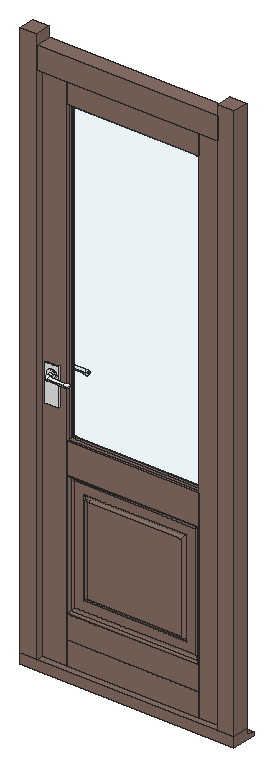
Revit family "DTI_A3-SD16-24", category Doors, host Wall, Revit 2016
Family settings
  Host = Wall
  OmniClass Number = 23.30.10.00
  OmniClass Title = Doors
  Always vertical = Yes
  Cut with Voids When Loaded = No
  Shared = No
  Room Calculation Point = No
Parameters (values of type "SD16 24")
  URL = "www.swartland.co.za"
  Rough Width = 961 mm
  Rough Height = 2518 mm
  Model = "SD16/2.4"
  Manufacturer = "Swartland Doors & Windows"
  Function = Exterior
  Frame Width = 74 mm
  Height = Door Height + Cill Height + Frame Width  # 2518 mm
  Wall Closure = By host
  Width = Door Width + (Frame Width * 2)  # 961 mm
  Frame Depth = 70 mm
  Door Width = 813 mm
  Door Material = Meranti
  Door Height = 2400 mm
  Door Frame Material = Meranti
  Description = "Entrance Door in Frame SD16/2.4"
  Cill Height = 44 mm
  Assembly Code = ""
Reference planes
  plane 1 "Centre (Front/Back)": y = 0
  plane 2 "Center (Left/Right)": x = 0
  plane 3 "Left": x = -480.5
  plane 4 "Right": x = 480.5
  plane 5: z = 2518
  plane 6 "Exterior": y = 75
  plane 7 "Interior": y = -75
  plane 8: y = -35
  plane 9 "Frame exterior": y = 35
  plane 10: z = 2444
  plane 11: x = 406.5
  plane 12: x = -406.5
  plane 13 "Cill Level": z = 44
  plane 14 "Centre of door": y = 17.751
Forms (mm)
  Extrusion 1, solid, material "Meranti" <- "Door Frame Material"
    sketch origin (0, 0, 44) x (1, 0, 0) y (0, 1, 0)
      loop
        line (-480.5, 35) -> (-480.5, -35) -> (-406.5, -35) -> (-406.5, 35) -> (-480.5, 35)
    from 0 to 2518 <- "Height"
  Extrusion 2, solid, material "Meranti" <- "Door Frame Material"
    sketch origin (0, 0, 44) x (-1, 0, 0) y (0, -1, 0)
      loop
        line (-480.5, -35) -> (-406.5, -35) -> (-406.5, 35) -> (-480.5, 35) -> (-480.5, -35)
    from 0 to 2518 <- "Height"
  Extrusion 3, solid, material "Meranti" <- "Door Frame Material"
    sketch origin (0, 0, 0) x (0, 1, 0) y (0, 0, 1)
      loop
        line (-35, 44) -> (-35, 0) -> (75, 0) -> (75, 15) -> (35, 25.321) -> (35, 44) -> (-35, 44)
    from -480.5 to 480.5
  Extrusion 4, solid, material "Meranti"
    sketch origin (0, 0, 0) x (0, 1, 0) y (0, 0, 1)
      loop
        line (35, 2518) -> (-35, 2518) -> (-35, 2419) -> (-5, 2419) -> (-5, 2444) -> (35, 2444) -> (35, 2518)
    from 406.5 to -406.5
  Extrusion 5, solid, material "Meranti" <- "Door Material"
    sketch origin (0, 35, 0) x (0, 0, -1) y (-1, 0, 0)
      loop
        line (-44, -406.5) -> (-44, -296.826) -> (-2444, -296.826) -> (-2444, -406.5) -> (-44, -406.5)
    from -40 to 0
  Extrusion 6, solid, material "Meranti" <- "Door Material"
    sketch origin (0, 35, 0) x (0, 0, -1) y (-1, 0, 0)
      loop
        line (-44, 406.5) -> (-2444, 406.5) -> (-2444, 296.174) -> (-44, 296.174) -> (-44, 406.5)
    from -40 to 0
  Extrusion 7, solid, material "Meranti" <- "Door Material"
    sketch origin (0, 35, -1.104) x (0, 0, -1) y (-1, 0, 0)
      loop
        line (-45.104, -296.826) -> (-45.104, 296.174) -> (-150.786, 296.174) -> (-150.786, -296.826) -> (-45.104, -296.826)
    from 0 to -40
  Extrusion 8, solid, material "Meranti"
    sketch origin (0, 35, 0) x (0, 0, -1) y (-1, 0, 0)
      loop
        line (-2304.682, -296.826) -> (-2304.682, 296.174) -> (-2444, 296.174) -> (-2444, -296.826) -> (-2304.682, -296.826)
    from 0 to -40
  Extrusion 9, solid, material "Meranti" <- "Door Material"
    sketch origin (0, 35, 104.578) x (0, 0, -1) y (-1, 0, 0)
      loop
        line (-45.104, -296.826) -> (-45.104, 296.174) -> (-150.786, 296.174) -> (-150.786, -296.826) -> (-45.104, -296.826)
    from 0 to -40
  Extrusion 10, solid, material "Meranti"
    sketch origin (0, 35, 0) x (0, 0, -1) y (-1, 0, 0)
      loop
        line (-949.682, -296.826) -> (-813.682, -296.826) -> (-813.682, 296.174) -> (-949.682, 296.174) -> (-949.682, -296.826)
    from 0 to -40
  Sweep 11, solid, material "Meranti"
    path origin (0, 17.751, 0) x (0, 0, 1) y (1, 0, 0)
      loop
        line (813.682, 296.826) -> (255.364, 296.826) -> (255.364, -296.174) -> (813.682, -296.174) -> (813.682, 296.826)
    profile "Door Panel Bolection Mould Profile : Door Panel Bolection Mould Profile" origin (0.326, 17.751, 813.682) x (0, 0, 1) y (0, 1, 0)
      loop
        line (0, 0) -> (0, 20)
        arc (0, 20) -> (-6.816, 17.116) -> (-8.853, 10) r 8.582
        arc (-8.853, 10) -> (-16.329, 6.362) -> (-24.624, 5.797) r 21.736
        line (-24.624, 5.797) -> (-64.624, 5.797)
        arc (-64.624, 5.797) -> (-75.326, 8.708) -> (-80, 18.765) r 13.157
        line (-80, 18.765) -> (-80, 0) -> (-80, -18.765)
        arc (-80, -18.765) -> (-75.326, -8.708) -> (-64.624, -5.797) r 13.157
        line (-64.624, -5.797) -> (-24.624, -5.797)
        arc (-24.624, -5.797) -> (-16.329, -6.362) -> (-8.853, -10) r 21.736
        arc (-8.853, -10) -> (-6.816, -17.116) -> (0, -20) r 8.582
        line (0, -20) -> (0, 0)
  Extrusion 12, solid, material "Meranti"
    sketch origin (0, 17.751, 0) x (0, 0, 1) y (1, 0, 0)
      loop
        line (733.682, 216.826) -> (335.364, 216.826) -> (335.364, -216.174) -> (733.682, -216.174) -> (733.682, 216.826)
    from 10 to -10
  Sweep 13, solid, material "Meranti"
    path origin (0, 17.751, 0) x (0, 0, 1) y (1, 0, 0)
      loop
        line (2304.682, 296.826) -> (949.682, 296.826) -> (949.682, -296.174) -> (2304.682, -296.174) -> (2304.682, 296.826)
    profile "Beading Profile : Beading Profile" origin (0.326, 17.751, 2304.682) x (0, 0, 1) y (0, 1, 0)
      loop
        line (0, 0) -> (0, 10.624)
        arc (0, 10.624) -> (-5.764, 9.652) -> (-10, 5.624) r 10
        line (-10, 5.624) -> (-10, -5.624)
        arc (-10, -5.624) -> (-5.764, -9.652) -> (0, -10.624) r 10
        line (0, -10.624) -> (0, 0)
  Extrusion 14, solid, material "Glass"
    sketch origin (0, 17.751, 0) x (0, 0, 1) y (1, 0, 0)
      loop
        line (2294.656, 286.802) -> (959.707, 286.802) -> (959.707, -286.148) -> (2294.656, -286.148) -> (2294.656, 286.802)
    from 2 to -2
Lines and regions (mm)
  Opening 1
    outline origin (-3050, -75, 0) x (1, 0, 0) y (0, 0, 1)
      loop
        line (2569.5, 0) -> (3530.5, 0) -> (3530.5, 2518) -> (2569.5, 2518) -> (2569.5, 0)
  symbolic lines
    curve 1: line (406.5, -35, 0) -> (406.5, -848, 0)
    curve 2: arc (406.5, -848, 0) -> (-168.378, -609.878, 0) -> (-406.5, -35, 0) r 813
  symbolic lines, style "Elevation Swing"
    curve 3: line (376.5, 75, 44) -> (-406.5, 75, 1278)
    curve 4: line (-406.5, 75, 1278) -> (376.5, 75, 2444)
Text (mm)
  text "Exterior" at (-2295.016, 1099.543, 0), in view "Ref. Level"
  text "Exterior" at (0, 1615.38, 3698.081), in view "Left"
  text "Exterior" at (0, 1036.032, 3874.932), in view "Right"
Dimensions and locks
  equal spacing: plane 3 "Left", plane 2 "Center (Left/Right)", plane 4 "Right"
  plane 3 "Left" to plane 4 "Right" = 961 mm
  locked: plane 6 "Exterior" to host wall at 0
  locked: plane 7 "Interior" to host wall
  equal spacing: plane 9 "Frame exterior", plane 1 "Centre (Front/Back)", plane 8
  "Frame Depth": plane 9 "Frame exterior" to plane 8
  "Frame Width": plane 10 to plane 5
  plane 9 "Frame exterior" to plane 8 = 70 mm
  "Door Height": plane 13 "Cill Level" to plane 10
  "Cill Height": level to plane 13 "Cill Level"
  "Frame Width": plane 11 to plane 4 "Right"
  level to Extrusion 3 = 44 mm
  "Frame Width": plane 3 "Left" to plane 12
  "Door Width": plane 12 to plane 11
  plane 12 to plane 11 = 813 mm
  aligned and locked: plane 3 "Left" to Opening 1 sketch curve
  aligned and locked: plane 5 to Opening 1 sketch curve  (x2)
  aligned and locked: Opening 1 sketch curve to plane 4 "Right"
  aligned and locked: Opening 1 sketch curve to level
  aligned and locked: plane 1 "Centre (Front/Back)" to host wall
  aligned: Extrusion 2 to level
  aligned: Extrusion 1 to level
  aligned: plane 12 to Extrusion 3
  aligned: Extrusion 3 to plane 11
  aligned and locked: Extrusion 3 to host wall  (x2)
  aligned and locked: Extrusion 2 to plane 13 "Cill Level"
  aligned and locked: Extrusion 1 to plane 13 "Cill Level"
  aligned and locked: Extrusion 4 to plane 11
  aligned and locked: plane 12 to Extrusion 4
  aligned and locked: Sweep 11 sketch curve to Extrusion 10  (x2)
  aligned and locked: Sweep 11 sketch curve to Extrusion 9  (x2)
Automatic sketch dimensions
  Extrusion 1 sketch curve to plane 3 "Left" = 0 mm
  Extrusion 1 sketch curve to plane 9 "Frame exterior" = 0 mm
  Extrusion 1 sketch curve to plane 12 = 0 mm
  Extrusion 1 sketch curve to plane 8 = 0 mm
  Extrusion 2 sketch curve to plane 4 "Right" = 0 mm
  Extrusion 2 sketch curve to plane 9 "Frame exterior" = 0 mm
  Extrusion 2 sketch curve to plane 11 = 0 mm
  Extrusion 2 sketch curve to plane 8 = 0 mm
  Extrusion 3 sketch curve to level = 0 mm
  Extrusion 3 sketch curve to plane 8 = 0 mm
  Extrusion 3 sketch curve to plane 9 "Frame exterior" = 0 mm
  Extrusion 3 sketch curve to host wall = 0 mm
  Extrusion 3 sketch curve to plane 13 "Cill Level" = 0 mm
  level to Extrusion 3 sketch curve = 15 mm
  Extrusion 3 sketch curve to Extrusion 3 sketch curve = 18.679 mm
  plane 5 to Extrusion 4 sketch curve = 0 mm
  Extrusion 4 sketch curve to plane 8 = 0 mm
  plane 10 to Extrusion 4 sketch curve = 0 mm
  Extrusion 4 sketch curve to plane 9 "Frame exterior" = 0 mm
  host wall to Extrusion 4 sketch curve = 5 mm
  Extrusion 4 sketch curve to Extrusion 4 sketch curve = 25 mm
  Extrusion 5 sketch curve to plane 10 = 0 mm
  plane 11 to Extrusion 5 sketch curve = 0 mm
  Extrusion 5 sketch curve to plane 13 "Cill Level" = 0 mm
  Extrusion 5 sketch curve to Extrusion 5 sketch curve = 109.674 mm
  Extrusion 6 sketch curve to plane 10 = 0 mm
  plane 12 to Extrusion 6 sketch curve = 0 mm
  Extrusion 6 sketch curve to plane 13 "Cill Level" = 0 mm
  Extrusion 6 sketch curve to plane 12 = 110.326 mm
  Extrusion 7 sketch curve to plane 13 "Cill Level" = 0 mm
  plane 13 "Cill Level" to Extrusion 7 sketch curve = 105.682 mm
  plane 11 to Extrusion 7 sketch curve = 109.674 mm
  Extrusion 7 sketch curve to plane 12 = 110.326 mm
  curve 2 to plane 8 = 0 mm
  curve 2 to plane 12 = 0 mm
  curve 2 to plane 11 = 0 mm
  curve 1 to plane 8 = 0 mm
  Extrusion 8 sketch curve to plane 10 = 0 mm
  plane 10 to Extrusion 8 sketch curve = 139.318 mm
  plane 11 to Extrusion 8 sketch curve = 109.674 mm
  Extrusion 8 sketch curve to plane 12 = 110.326 mm
  plane 11 to Extrusion 9 sketch curve = 109.674 mm
  plane 13 "Cill Level" to Extrusion 9 sketch curve = 211.364 mm
  Extrusion 9 sketch curve to Extrusion 9 sketch curve = 105.682 mm
  Extrusion 9 sketch curve to plane 12 = 110.326 mm
  Extrusion 10 sketch curve to Extrusion 10 sketch curve = 136 mm
  plane 11 to Extrusion 10 sketch curve = 109.674 mm
  Extrusion 10 sketch curve to plane 12 = 110.326 mm
  plane 13 "Cill Level" to Extrusion 12 sketch curve = 291.364 mm
  Extrusion 12 sketch curve to plane 12 = 190.326 mm
  plane 11 to Extrusion 12 sketch curve = 189.674 mm
  plane 12 to curve 3 = 0 mm
  curve 4 to plane 10 = 0 mm
  curve 3 to plane 13 "Cill Level" = 0 mm
  plane 11 to curve 4 = 30 mm
  plane 11 to curve 3 = 30 mm
  plane 10 to curve 4 = 1166 mm
  plane 13 "Cill Level" to Extrusion 10 sketch curve = 905.682 mm
  Extrusion 12 sketch curve to Extrusion 12 sketch curve = 398.318 mm
  plane 11 to Sweep 13 sketch curve = 109.674 mm
  plane 13 "Cill Level" to Sweep 13 sketch curve = 905.682 mm
  plane 10 to Sweep 13 sketch curve = 139.318 mm
  Sweep 13 sketch curve to plane 12 = 110.326 mm
  plane 11 to Extrusion 14 sketch curve = 119.698 mm
  plane 13 "Cill Level" to Extrusion 14 sketch curve = 915.707 mm
  plane 10 to Extrusion 14 sketch curve = 149.344 mm
  Extrusion 14 sketch curve to plane 12 = 120.352 mm
Nested families
  nested 1: "Handle Domestic (1)" at (-421.337, -5, 1200), type "Handle Domestic (1)"
  nested 2: "Handle Domestic (1)" at (-421.337, 35, 1200), type "Handle Domestic (1)"
Definition of nested family "Handle Domestic (1)"
  Parameters
    Manufacturer = "Revit"
    Material Ironmongery = none
    Handle Z Distance = 0 mm
    Handle X Distance = 65 mm
    Function = (empty or 0)
  Reference planes
    plane 1 "Center (Front/Back)": y = 0
    plane 2: z = 0
    plane 3 "Center (Left/Right)": x = 0
    plane 4: z = 0
    plane 5: x = 65
  Forms (mm)
    Extrusion 1, solid, material <- "Material Ironmongery", detail levels medium+fine
      sketch origin (0, 0, 0) x (1, 0, 0) y (0, 0, 1)
        loop
          line (35, 40) -> (35, -125) -> (95, -125) -> (95, 40) -> (35, 40)
      from 0 to -6
    Sweep 2, solid, material <- "Material Ironmongery", detail levels medium+fine
      path origin (0, 0, 0) x (0, -1, 0) y (1, 0, 0)
        loop
          line (-10.593, 65) -> (-26, 65)
          arc (-26, 65) -> (-36.607, 69.393) -> (-41, 80) r 15
          line (-41, 80) -> (-41, 152)
          arc (-41, 152) -> (-38.657, 157.657) -> (-33, 160) r 8
      profile origin (0, 18.296, 0) x (-1, 0, 0) y (0, 0, 1)
        loop
          circle (-65, 0) r 7
    Extrusion 3, solid, material <- "Material Ironmongery", detail levels medium+fine
      sketch origin (0, 0, 0) x (1, 0, 0) y (0, 0, 1)
        loop
          circle (65, 0) r 20
      from -6 to -10.593
  Dimensions and locks
    "Handle Z Distance": plane 4 to level
    "Handle X Distance": plane 5 to plane 3 "Center (Left/Right)"
    aligned and locked: Extrusion 1 to Extrusion 3
    aligned and locked: Extrusion 3 to Sweep 2 sketch curve
  Automatic sketch dimensions
    Sweep 2 sketch curve to plane 4 = 0 mm
    Sweep 2 sketch curve to profile plane = 0 mm
    Extrusion 3 sketch curve to plane 4 = 0 mm
    Extrusion 3 sketch curve to plane 5 = 0 mm
    Sweep 2 sketch curve to plane 5 = 0 mm
    Sweep 2 sketch curve to plane 1 "Center (Front/Back)" = 41 mm
    Sweep 2 sketch curve to Sweep 2 sketch curve = 8 mm
    Sweep 2 sketch curve to Sweep 2 sketch curve = 15 mm
    Sweep 2 sketch curve to Sweep 2 sketch curve = 72 mm
    plane 5 to Extrusion 1 sketch curve = 30 mm
    Extrusion 1 sketch curve to plane 5 = 30 mm
    plane 4 to Extrusion 1 sketch curve = 125 mm
    Extrusion 1 sketch curve to plane 4 = 40 mm
    radius of Sweep 2 sketch curve = 7 mm
    radius of Extrusion 3 sketch curve = 20 mm
